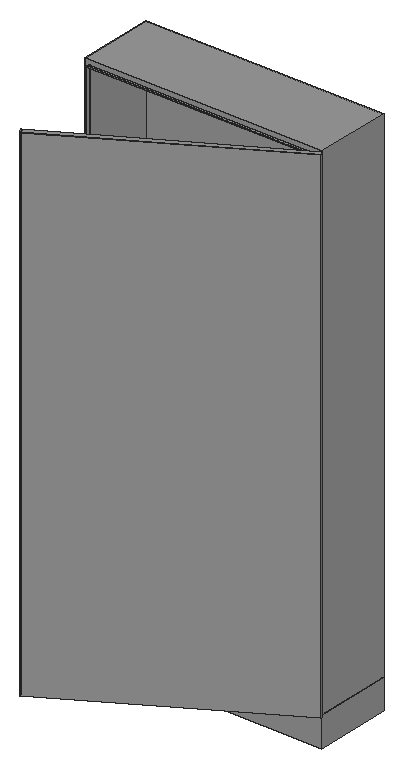
Revit family "Hager-Univers-IP55-D275-H1800-Cl.II-Steel_encl-NoHosted-PT-pt", category Electrical Equipment, Revit 2020
Family settings
  Panel Configuration = Two Columns, Circuits Across
  Round Connector Dimension = Use Diameter
  Part Type = Panelboard
  Work Plane-Based = Yes
  Always vertical = Yes
  Cut with Voids When Loaded = No
  Shared = No
  Room Calculation Point = No
Parameters (values of type "Instalação de piso IP55 L800 A1800 P275  - FR13S1")
  Width Control [instance] = if([EF000008 - Largura] > Min Width, [EF000008 - Largura], Min Width)  # 800 mm
  Type Comments = [HG000003 - Gama]  # "Univers"
  Thickness Door [instance] = if([EF009171 - Espessura do material da porta/tampa] > 3 mm, 3 mm, [EF009171 - Espessura do material da porta/tampa])  # 1.5 mm
  Seal Frame Offset [instance] = 17 mm  # constant formula
  Plinth Visibility [instance] = [HG000027 - Altura da Plinta] > 0 mm  # yes
  Min Width [instance] = 100 mm  # constant formula
  Min Depth [instance] = (2 * [EF009170 - Espessura do material do invólucro]) + 1 mm  # 4 mm
  Min Height [instance] = 100 mm  # constant formula
  Internal Frame Depth [instance] = (Door System Depth * 0.5)  # 9 mm
  Panel Name [instance] = ""  # (empty or 0)
  Model = ""
  HG000027 - Altura da Plinta = 100 mm
  HG000026 - Instalação no chão = yes
  HG000024 - Altura da secção inferior = 600 mm
  HG000023 - Recinto de secção dupla = no
  HG000016 - Visibilidade da porta 3D [instance] = yes
  HG000015 - Visibilidade através da porta [instance] = no
  HG000014 - Porta à direita [instance] = yes
  HG000013 - Porta à esquerda [instance] = not([HG000014 - Porta à direita])  # no
  HG000012 - Ângulo de abertura de porta [instance] = 30.00°
  HG000010 - Portas assimétricas = no
  HG000009 - Porta dupla = no
  HG000006 - Encastrado = no
  HG000004 - Referência do Fabricante = "FR13S1"
  HG000003 - Gama = "Univers"
  HG000002 - Com porta ou tampa = yes
  Frame Offset Bottom [instance] = 10 mm  # constant formula
  Frame Offset [instance] = 15 mm  # constant formula
  EF015940 - Tampa com libertação de sobrepressão = no
  EF011959 - Grau de proteção (NEMA) = ""
  EF009554 - Número de aberturas para placas de flange = 6
  EF009212 - Tipo de tampa = "EV000116 - Fechado"
  EF009171 - Espessura do material da porta/tampa = 1.5 mm
  EF009170 - Espessura do material do invólucro = 1.5 mm
  EF008873 - Corrente nominal (In) = 800 A
  EF007800 - Adequado para proteção contra raios = no
  EF006306 - Com fecho = no
  EF006244 - Tampa/porta transparente = no
  EF005474 - Grau de proteção (IP) = "EV006420 - IP55"
  EF004464 - Tipo de porta = "EV002646 - Único"
  EF004427 - Número de módulos = 396
  EF004293 - Força de impacto = "EV008784 - IK10"
  EF003532 - Adequado para uso no exterior = no
  EF002950 - Largura em número de módulos = 24
  EF001613 - Integridade do circuito = "EV000494 - Nenhum"
  EF001596 - Material do corpo = "EV000179 - Aço"
  EF001131 - Profundidade interior = 275 mm
  EF001088 - Extensão possível = yes
  EF000437 - Número de entradas de condutores = 6
  EF000339 - Tipo de difusor = "EV004216 - Porta"
  EF000266 - Número de linhas = 11
  EF000218 - Profundidade incorporada = 0 mm
  EF000118 - Com tampa de montagem = no
  EF000116 - Número RAL = "7035"
  EF000049 - Profundidade = 275 mm
  EF000040 - Altura = 1800 mm
  EF000008 - Largura = 800 mm
  EF000007 - Cor = "EV000270 - Cinzento"
  EF000003 - Método de montagem = "EV012274 - Instalação de piso"
  Door System Leaf Tolerance [instance] = 1.5 mm  # constant formula
  Door System Depth [instance] = 18 mm  # constant formula
  Door Height [instance] = Height Control - [HG000027 - Altura da Plinta]  # 1700 mm
  Description = ""
  Default Elevation = 1219.2 mm
  Connector Offset [instance] = Height Control / 2  # 900 mm
  Manufacturer = "Hager"  # constant formula
  Height Control [instance] = if([EF000040 - Altura] > Min Height, [EF000040 - Altura], Min Height)  # 1800 mm
  Depth Control [instance] = if([EF000049 - Profundidade] > Min Depth, [EF000049 - Profundidade], Min Depth)  # 275 mm
  Bottom Top Plate Trim [instance] = 1.5 mm  # constant formula
  Plinth height Ctrl [instance] = if([HG000027 - Altura da Plinta] > 0 mm, [HG000027 - Altura da Plinta], 12 mm)  # 100 mm
Types (5, lengths in mm): name | Width Control | HG000010 - Portas assimétricas | HG000009 - Porta dupla | HG000004 - Referência do Fabricante | EF009554 - Número de aberturas para placas de flange | EF004464 - Tipo de porta | EF004427 - Número de módulos | EF000437 - Número de entradas de condutores | EF000008 - Largura
  Instalação de piso IP55 L1050 A1800 P275  - FR14S1 | 1050 | yes | yes | "FR14S1" | 8 | "EV003602 - Duplo" | 528 | 8 | 1050
  Instalação de piso IP55 L1300 A1800 P275  - FR15S1 | 1300 | yes | yes | "FR15S1" | 10 | "EV003602 - Duplo" | 660 | 10 | 1300
  Instalação de piso IP55 L300 A1800 P275  - FR11S1 | 300 | no | no | "FR11S1" | 2 | "EV002646 - Único" | 132 | 2 | 300
  Instalação de piso IP55 L550 A1800 P275  - FR12S1 | 550 | no | no | "FR12S1" | 4 | "EV002646 - Único" | 264 | 4 | 550
  Instalação de piso IP55 L800 A1800 P275  - FR13S1 | 800 | no | no | "FR13S1" | 6 | "EV002646 - Único" | 396 | 6 | 800
Reference planes
  plane 1 "Center (Front/Back)": y = 0
  plane 2: z = 0
  plane 3 "Center (Left/Right)": x = 0
  plane 4: y = 0
  plane 5: y = 0
  plane 6: z = 0
  plane 7: x = -400
  plane 8: x = 400
  plane 9: x = 398.5
  plane 10: x = -398.5
  plane 11: z = 100
  plane 12: z = 101.5
  plane 13: y = -275
  plane 14: y = -1.5
  plane 15: x = 0
  plane 16: y = -257
  plane 17: y = -273.5
  plane 18: y = -255.5
  plane 19: x = -383.5
  plane 20: x = 383.5
  plane 21: z = 111.5
  plane 22: x = -383
  plane 23: x = 383
  plane 24: z = 100
  plane 25: z = 1800
  plane 26: z = 1800
  plane 27: z = 1783.5
  plane 28: z = 1798.5
Forms (mm)
  Extrusion 1, solid, material "Hager_Steel_RAL7035_Light_Grey", detail levels medium+fine
    sketch origin (-208.679, -4572, 100) x (-1, 0, 0) y (0, -1, 0)
      loop
        line (191.321, -4315) -> (-608.679, -4315) -> (-608.679, -4572) -> (191.321, -4572) -> (191.321, -4315)
    from 0 to 1700
  Extrusion 2, void
    sketch origin (-350.771, -275, 1219.2) x (1, 0, 0) y (0, 0, 1)
      loop
        line (-47.729, 579.3) -> (-47.729, -1117.7) -> (749.271, -1117.7) -> (749.271, 579.3) -> (-47.729, 579.3)
    from -19.5 to -273.5
  Extrusion 3, void
    sketch origin (-290.084, -257, 1219.2) x (1, 0, 0) y (0, 0, 1)
      loop
        line (-93.416, -1107.7) -> (673.584, -1107.7) -> (673.584, 564.3) -> (-93.416, 564.3) -> (-93.416, -1107.7)
    from 0 to -1.5
  Extrusion 4, solid, material "Hager_Steel_RAL7035_Light_Grey", visible <- "Plinth Visibility", detail levels medium+fine
    sketch origin (0, 0, 0) x (1, 0, 0) y (0, 1, 0)
      loop
        line (-400, 0) -> (-400, -257) -> (400, -257) -> (400, 0) -> (-400, 0)
    from 0 to 100 <- "Plinth height Ctrl"
  Extrusion 5, solid, material "Hager_Steel_RAL7035_Light_Grey", detail levels coarse
    sketch origin (0, 0, 0) x (1, 0, 0) y (0, 1, 0)
      loop
        line (-400, 0) -> (-400, -275) -> (400, -275) -> (400, 0) -> (-400, 0)
    from 0 to 1800 <- "Height Control"
  Sweep 6, void
    path in 3D
      loop
        line (-400, -257, 100) -> (400, -257, 100) -> (400, 0, 100) -> (-400, 0, 100) -> (-400, -257, 100)
    profile origin (-400, -128.5, 100) x (1, 0, 0) y (0, 0, 1)
      loop
        line (0, 0) -> (0, -1.5) -> (1.5, -1.5)
        arc (1.5, -1.5) -> (1.061, -0.439) -> (0, 0) r 1.5
  Extrusion 7, solid, material "Hager_Steel_RAL7035_Light_Grey", detail levels fine
    sketch origin (-400, -257, 100) x (1, 0, 0) y (0, 0, 1)
      loop
        line (16.5, 11.5) -> (783.5, 11.5) -> (783.5, 1683.5) -> (16.5, 1683.5) -> (16.5, 11.5)
      loop
        line (15, 10) -> (785, 10) -> (785, 1685) -> (15, 1685) -> (15, 10)
    from 0 to 9 <- "Internal Frame Depth"
Cuts and joins
  Extrusion 2, Extrusion 3 cuts Extrusion 1
  Sweep 6 cuts Extrusion 4
Lines and regions (mm)
  Masking region 1
    outline origin (0, 0, 0) x (1, 0, 0) y (0, 1, 0)
      loop
        line (-400, 0) -> (-400, -275) -> (400, -275) -> (400, 0) -> (-400, 0)
  Masking region 2, detail levels coarse
    outline origin (-290.084, -257, 1219.2) x (-1, 0, 0) y (0, 0, 1)
      loop
        line (-690.084, -1219.2) -> (109.916, -1219.2) -> (109.916, 580.8) -> (-690.084, 580.8) -> (-690.084, -1219.2)
  Masking region 3, detail levels coarse
    outline origin (0, 0, 0) x (0, 1, 0) y (0, 0, 1)
      loop
        line (0, 0) -> (0, 1800) -> (-275, 1800) -> (-275, 0) -> (0, 0)
  Masking region 4, visible <- "Plinth Visibility", detail levels medium+fine
    outline origin (0, 0, 0) x (0, 1, 0) y (0, 0, 1)
      loop
        line (-1.5, 100) -> (-255.5, 100)
        arc (-255.5, 100) -> (-255.939, 98.939) -> (-257, 98.5) r 1.5
        line (-257, 98.5) -> (-257, 0) -> (0, 0) -> (0, 98.5)
        arc (0, 98.5) -> (-1.061, 98.939) -> (-1.5, 100) r 1.5
  Masking region 5, detail levels medium+fine
    outline origin (0, 0, 594.038) x (0, 1, 0) y (0, 0, 1)
      loop
        line (0, -494.038) -> (0, 1205.962) -> (-257, 1205.962) -> (-257, -494.038) -> (0, -494.038)
  Masking region 6, detail levels medium+fine
    outline origin (-359.7, -257, 1211.883) x (-1, 0, 0) y (0, 0, 1)
      loop
        line (-759.7, -1111.883) -> (40.3, -1111.883) -> (40.3, 588.117) -> (-759.7, 588.117) -> (-759.7, -1111.883)
  Masking region 7, visible <- "Plinth Visibility", detail levels medium+fine
    outline origin (-320.334, -257, 1041.368) x (-1, 0, 0) y (0, 0, 1)
      loop
        line (-720.334, -1041.368) -> (79.666, -1041.368) -> (79.666, -942.868)
        arc (79.666, -942.868) -> (78.606, -942.429) -> (78.166, -941.368) r 1.5
        line (78.166, -941.368) -> (-718.834, -941.368)
        arc (-718.834, -941.368) -> (-719.273, -942.429) -> (-720.334, -942.868) r 1.5
        line (-720.334, -942.868) -> (-720.334, -1041.368)
  sketch lines
    curve 1: line (-400, 0, 100) -> (-400, -257, 100)
    curve 2: line (-400, -257, 100) -> (400, -257, 100)
    curve 3: line (400, 0, 100) -> (-400, 0, 100)
    curve 4: line (400, -257, 100) -> (400, 0, 100)
Dimensions and locks
  locked: plane 1 "Center (Front/Back)" to plane 5
  "EF009170 - Espessura do material do invólucro": plane 7 to plane 10
  "EF009170 - Espessura do material do invólucro": plane 8 to plane 9
  equal spacing: plane 7, plane 3 "Center (Left/Right)", plane 8
  "Width Control": plane 7 to plane 8
  "Depth Control": plane 4 to plane 13
  "EF009170 - Espessura do material do invólucro": plane 4 to plane 14
  "Height Control": plane 25 to level
  "HG000027 - Altura da Plinta": plane 11 to level
  "EF009170 - Espessura do material do invólucro": plane 12 to plane 11
  "EF009170 - Espessura do material do invólucro": plane 17 to plane 13
  "EF009170 - Espessura do material do invólucro": plane 18 to plane 16
  "Frame Offset Bottom": plane 21 to plane 12
  "Frame Offset": plane 10 to plane 19
  "Frame Offset": plane 9 to plane 20
  "Door System Depth": plane 16 to plane 13
  "Seal Frame Offset": plane 7 to plane 22
  "Seal Frame Offset": plane 8 to plane 23
  "EF009170 - Espessura do material do invólucro": plane 26 to plane 28
  "Frame Offset": plane 28 to plane 27
  "Connector Offset": plane 2 to connector elem
  "Bottom Top Plate Trim": profile plane to Sweep 6 sketch curve
  "Bottom Top Plate Trim": Sweep 6 sketch curve to Sweep 6 sketch curve
  "Plinth height Ctrl": Masking region 4 sketch curve to level
  "Plinth height Ctrl": Masking region 7 sketch curve to level
  "Thickness Door": Extrusion 7 sketch curve to Extrusion 7 sketch curve  (x4)
  "Bottom Top Plate Trim": radius of Sweep 6 sketch curve
  "Bottom Top Plate Trim": radius of Masking region 4 sketch curve  (x2)
  "Bottom Top Plate Trim": radius of Masking region 7 sketch curve  (x2)
  aligned and locked: Extrusion 2 sketch curve to plane 12
  aligned and locked: Extrusion 2 sketch curve to plane 9
  aligned and locked: Extrusion 2 sketch curve to plane 10
  aligned and locked: Extrusion 2 to plane 14
  aligned and locked: Extrusion 1 sketch curve to plane 4
  aligned and locked: plane 8 to Extrusion 1 sketch curve
  aligned and locked: plane 7 to Extrusion 1 sketch curve
  aligned and locked: Extrusion 2 to plane 18
  aligned and locked: Extrusion 3 sketch curve to plane 19
  aligned and locked: plane 20 to Extrusion 3 sketch curve
  aligned and locked: Extrusion 3 to Extrusion 2
  aligned and locked: Extrusion 3 sketch curve to plane 21
  aligned and locked: plane 3 "Center (Left/Right)" to nested 1
  aligned and locked: Extrusion 1 sketch curve to plane 16
  aligned and locked: Extrusion 4 sketch curve to cut or joined group of Extrusion 1, Extrusion 2, Extrusion 3
  aligned and locked: Masking region 1 sketch curve to plane 7
  aligned and locked: Masking region 1 sketch curve to plane 5
  aligned and locked: Masking region 1 sketch curve to plane 8
  aligned and locked: Masking region 2 sketch curve to level
  aligned and locked: level to Masking region 3 sketch curve
  aligned and locked: plane 1 "Center (Front/Back)" to Masking region 3 sketch curve
  aligned and locked: plane 13 to Masking region 3 sketch curve
  aligned and locked: plane 5 to Masking region 4 sketch curve
  aligned and locked: Masking region 2 sketch curve to plane 8
  aligned and locked: Masking region 2 sketch curve to plane 7
  aligned and locked: plane 7 to nested 2
  aligned and locked: nested 2 to plane 5
  aligned and locked: plane 5 to Masking region 5 sketch curve
  aligned and locked: plane 26 to Masking region 5 sketch curve
  aligned and locked: Extrusion 5 sketch curve to plane 8
  aligned and locked: Extrusion 5 sketch curve to plane 7
  aligned and locked: Extrusion 5 sketch curve to plane 5
  aligned and locked: Extrusion 3 sketch curve to plane 27
  aligned and locked: Extrusion 2 sketch curve to plane 28
  aligned and locked: Masking region 2 to plane 25
  aligned and locked: Extrusion 4 to plane 16
  aligned and locked: profile plane to Sweep 6 sketch curve
  aligned and locked: Masking region 5 sketch curve to plane 24
  aligned and locked: level to Masking region 4 sketch curve
  aligned and locked: Masking region 1 to plane 13
  aligned and locked: nested 1 to plane 16
  aligned and locked: Masking region 3 to plane 25
  aligned and locked: plane 16 to Masking region 4 sketch curve
  aligned and locked: Masking region 5 sketch curve to plane 16
  aligned and locked: plane 24 to plane 11
  aligned and locked: plane 26 to plane 25
  aligned and locked: plane 26 to cut or joined group of Extrusion 1, Extrusion 2, Extrusion 3
  aligned and locked: nested 1 to plane 24
  aligned and locked: Extrusion 1 to Extrusion 3
  aligned and locked: Masking region 6 sketch curve to plane 8
  aligned and locked: Masking region 6 sketch curve to plane 24
  aligned and locked: Masking region 6 sketch curve to plane 7
  aligned and locked: Masking region 6 sketch curve to plane 26
  aligned and locked: Masking region 7 sketch curve to plane 7
  aligned and locked: level to Masking region 7 sketch curve
  aligned and locked: Masking region 7 sketch curve to plane 8
  aligned and locked: Extrusion 7 sketch curve to cut or joined group of Extrusion 1, Extrusion 2, Extrusion 3  (x4)
Automatic sketch dimensions
  plane 19 to Extrusion 3 sketch curve = 0 mm
  Extrusion 3 sketch curve to plane 20 = 0 mm
  Extrusion 3 sketch curve to plane 21 = 0 mm
  Extrusion 4 sketch curve to plane 7 = 0 mm
  Extrusion 4 sketch curve to plane 8 = 0 mm
  Extrusion 4 sketch curve to plane 16 = 0 mm
  Masking region 1 sketch curve to plane 13 = 0 mm
  Masking region 2 sketch curve to plane 25 = 0 mm
  Masking region 3 sketch curve to plane 25 = 0 mm
  Extrusion 5 sketch curve to plane 13 = 0 mm
  profile plane to Sweep 6 sketch curve = 0 mm
Nested families
  nested 1: "EC000058_Univers_Door" at (0, -257, 100), Double <- "HG000009 - Porta dupla", Transparent <- "EF006244 - Tampa/porta transparente", Angle <- "HG000012 - Ângulo de abertura de porta", Door_Right <- "HG000014 - Porta à direita", Assymetrical <- "HG000010 - Portas assimétricas", Door <- "HG000002 - Com porta ou tampa", Width_Ctrl <- "Width Control", 3d_Door <- "HG000016 - Visibilidade da porta 3D", Clearance <- "HG000015 - Visibilidade através da porta", Door_Left <- "HG000013 - Porta à esquerda", Width <- "Width Control", Door_Depth <- "Door System Depth", Leaf_Tolerance <- "Door System Leaf Tolerance", Height <- "Door Height", Lock_Visibility <- "EF006306 - Com fecho", Thickness <- "Thickness Door", type "EC000058_Univers_Door", detail levels medium+fine
    with min_wh 4 mm, Width_Ctrl 800 mm, Width 800 mm, Transparent no, Thickness 1.5 mm, Seal_Material Hager_Rubber, Lock_Visibility no, Lock_Material Hager_Plastic_RAL9005_Jet_Black, Leaf_Width 800 mm, Leaf_Tolerance_External_Sides 0 mm, Leaf_Tolerance 1.5 mm, Leaf_Offset 0 mm, Leaf_Height 1697 mm, Leaf_2_Width 800 mm, Leaf_2_Offset 400 mm, Leaf_1_Width 800 mm, Leaf_1_Offset 400 mm, Height_Ctrl 1700 mm, Height 1700 mm, Glass_Material Hager_Glass, Double_Clearance_Ctrl no, Double no, Door_Right_Ctrl yes, Door_Right yes, Door_Material Hager_Steel_RAL7035_Light_Grey, Door_Left_Ctrl no, Door_Left no, Door_Depth 18 mm, Door yes, Clearance_Material Hager_Clearance, Clearance_Depth 800 mm, Clearance_Ctrl no, Clearance no, Assymetrical no, Angle 30.00°, 3d_Door yes
  nested 2: "Hager_Enclosure_Symbol" at (-400, 0, 0), Height <- "Depth Control", Width <- "Width Control", type "Hager_Enclosure_Symbol"
    with Width_Ctrl 800 mm, Width 800 mm, Height_Ctrl 275 mm, Height 275 mm, A_Width_Int 18.047 mm, A_Width 216.562 mm, A_Height_Ctrl 240.625 mm, A_Height 240.625 mm
Connectors
  electrical at (0, 0, 900)
    settings: on plane 1 "Center (Front/Back)", index 1, voltage 0 V, apparent load 0 VA, apparent load phase1 0 VA, apparent load phase2 0 VA, apparent load phase3 0 VA, power factor 1, load classification "Other", number of poles 1, system type 30, power factor state 1, is connector primary yes, connector utility no, sub classification motor no, connector description ""
Definition of nested family "EC000058_Univers_Door"
  Parameters (values of type "EC000058_Univers_Door")
    min_wh [instance] = (2 * Thickness) + 1 mm  # 11 mm
    Width_Ctrl [instance] = 400 mm
    Width [instance] = 500 mm
    Transparent [instance] = yes
    Thickness [instance] = 5 mm
    Seal_Material [instance] = none
    Lock_Visibility [instance] = yes
    Lock_Material [instance] = none
    Leaf_Width [instance] = if((Width_Ctrl - 2 * Leaf_Tolerance_External_Sides) > 0 mm, (Width_Ctrl - 2 * Leaf_Tolerance_External_Sides), min_wh)  # 400 mm
    Leaf_Tolerance_External_Sides [instance] = 0 mm  # constant formula
    Leaf_Tolerance [instance] = 1.5 mm
    Leaf_Offset [instance] = 0 mm  # constant formula
    Leaf_Height [instance] = if((Height_Ctrl - 2 * Leaf_Tolerance) > 0 mm, (Height_Ctrl - 2 * Leaf_Tolerance), min_wh)  # 497 mm
    Leaf_2_Width [instance] = if(and(and(Double, Assymetrical), Door_Left), (Leaf_Width / 3) - (Leaf_Tolerance / 2), if(and(and(Double, Assymetrical), Door_Right), (Leaf_Width / 3) * 2 - (Leaf_Tolerance / 2), if(and(Double, not(Assymetrical)), (Leaf_Width / 2) - Leaf_Tolerance, Leaf_Width)))  # 400 mm
    Leaf_2_Offset [instance] = if(and(Double, Assymetrical), Leaf_2_Width / 2, if(and(Double, not(Assymetrical)), Leaf_Width / 4, Leaf_Width / 2))  # 200 mm
    Leaf_1_Width [instance] = if(and(and(Double, Assymetrical), Door_Right), (Leaf_Width / 3) - (Leaf_Tolerance / 2), if(and(and(Double, Assymetrical), Door_Left), (Width / 3) * 2 - (Leaf_Tolerance / 2), if(and(Double, not(Assymetrical)), (Leaf_Width / 2) - Leaf_Tolerance, Leaf_Width)))  # 400 mm
    Leaf_1_Offset [instance] = if(and(Double, Assymetrical), Leaf_1_Width / 2, if(and(Double, not(Assymetrical)), Leaf_Width / 4, Leaf_Width / 2))  # 200 mm
    Height_Ctrl [instance] = if(Height > min_wh, Height, min_wh)  # 500 mm
    Height [instance] = 500 mm
    Glass_Material [instance] = none
    Double_Clearance_Ctrl [instance] = and(Double, Clearance)  # no
    Double [instance] = no
    Door_Right_Ctrl [instance] = and(or(Door_Right, Double), Door)  # yes
    Door_Right [instance] = yes
    Door_Material [instance] = none
    Door_Left_Ctrl [instance] = and(or(Door_Left, Double), Door)  # no
    Door_Left [instance] = no
    Door_Depth [instance] = 30 mm
    Door [instance] = yes
    Default Elevation = 1219.2 mm
    Clearance_Material [instance] = none
    Clearance_Depth [instance] = if(Leaf_1_Width > Leaf_2_Width, Leaf_1_Width, Leaf_2_Width)  # 400 mm
    Clearance_Ctrl [instance] = and(not(Double), Clearance)  # yes
    Clearance [instance] = yes
    Assymetrical [instance] = yes
    Angle [instance] = 30.00°
    3d_Door [instance] = yes
  Reference planes
    plane 1 "Center (Front/Back)": y = 0
    plane 2 "Bottom": z = 0
    plane 3 "Center (Left/Right)": x = 0
    plane 4: z = 500
    plane 5: x = -200
    plane 6: x = 200
    plane 7: z = 500
    plane 8: x = -200
    plane 9: z = 0
    plane 10: x = 200
    plane 11: y = 0
    plane 12: z = 1.5
    plane 13: x = -600
    plane 14: y = -400
    plane 15: x = 600
    plane 16: x = 0
    plane 17: x = 0
    plane 18: x = -200
    plane 19: x = 200
    plane 20: z = 498.5
  Forms (mm)
    Extrusion 1, solid, material <- "Clearance_Material", visible <- "Double_Clearance_Ctrl"
      sketch origin (1200, 0, 0) x (1, 0, 0) y (0, 0, -1)
        loop
          line (-1800, -498.5) -> (-600, -498.5) -> (-600, 0) -> (-1800, 0) -> (-1800, -498.5)
      from 0 to -400
  Dimensions and locks
    equal spacing: plane 5, plane 3 "Center (Left/Right)", plane 6
    "Width_Ctrl": plane 5 to plane 6
    "Leaf_Offset": plane 5 to plane 8
    "Leaf_Offset": plane 6 to plane 10
    "Leaf_Offset": plane 9 to level
    "Leaf_Offset": plane 4 to plane 7
    "Height_Ctrl": plane 4 to level
    "Leaf_Tolerance": plane 12 to plane 9
    locked: plane 11 to plane 1 "Center (Front/Back)"
    "Leaf_1_Offset": plane 18 to plane 16
    "Leaf_2_Offset": plane 17 to plane 19
    "Leaf_1_Width": plane 13 to plane 8
    "Leaf_2_Width": plane 10 to plane 15
    "Clearance_Depth": plane 14 to plane 1 "Center (Front/Back)"
    "Leaf_Tolerance_External_Sides": plane 8 to plane 18
    "Leaf_Tolerance_External_Sides": plane 19 to plane 10
    "Leaf_Tolerance": plane 7 to plane 20
    aligned and locked: level to plane 2 "Bottom"
    aligned and locked: nested 1 to plane 16
    aligned and locked: nested 2 to plane 17
    aligned and locked: Extrusion 1 to plane 13
    aligned and locked: plane 15 to Extrusion 1
    aligned and locked: Extrusion 1 to plane 14
    aligned and locked: plane 12 to nested 1
    aligned and locked: nested 2 to plane 12
    aligned and locked: Extrusion 1 to plane 11
    aligned and locked: plane 20 to Extrusion 1
    aligned and locked: nested 2 to plane 11
    aligned and locked: nested 1 to plane 11
  Automatic sketch dimensions
    Extrusion 1 sketch curve to level = 0 mm
    plane 5 to Extrusion 1 sketch curve = 400 mm
    plane 6 to Extrusion 1 sketch curve = 400 mm
    Extrusion 1 sketch curve to plane 4 = 1.5 mm
  Nested families
    nested 1: "EC000058_Univers_Door_Leaf" at (0, 0, 1.5), Width <- "Leaf_1_Width", visible <- "Door_Left_Ctrl", Leaf_Height <- "Leaf_Height", Angle <- "Angle", 3d_Door <- "3d_Door", Transparent <- "Transparent", Clearance Material <- "Clearance_Material", Clearance <- "Clearance_Ctrl", Door_Material <- "Door_Material", Glass_Material <- "Glass_Material", Door_Depth <- "Door_Depth", Lock_Material <- "Lock_Material", Seal_Material <- "Seal_Material", Lock_Visibility <- "Lock_Visibility", Thickness <- "Thickness", type "EC000058_Univers_Door_Leaf"
      with Width 400 mm, Transparent_Glass_Offset 30 mm, Transparent_Ctrl yes, Transparent yes, Thickness 5 mm, Standard no, Seal_Material none, Seal_D2 8 mm, Seal_D1 1 mm, Offset_Internal_Frame 10 mm, Lock_Width 20 mm, Lock_Visibility_3d yes, Lock_Visibility yes, Lock_Thickness_3 3 mm, Lock_Thickness_2 1 mm, Lock_Thickness_1 3 mm, Lock_Radius_Offset_2 16 mm, Lock_Radius_Offset_1 15 mm, Lock_Radius_2 5 mm, Lock_Radius 6 mm, Lock_Offset 5 mm, Lock_Material none, Lock_Height 80 mm, Lock_Cover_Top_Offset_2d 17 mm, Lock_Cover_Height -65 mm, Leaf_Height 497 mm, Internal_Seal_Thickness 8 mm, Internal_Seal_Depth_2 4.5 mm, Internal_Frame_Depth 25 mm, Glass_Thickness -1 mm, Glass_Offset -2 mm, Glass_Material none, Door_Material none, Door_Depth 30 mm, Clearance Material none, Clearance yes, Angle_Ctrl 30.00°, Angle 30.00°, 3d_Door yes
    nested 2: "EC000058_Univers_Door_Leaf" at (0, 0, 1.5) x (-1, 0, 0) z (0, 0, 1), Width <- "Leaf_2_Width", visible <- "Door_Right_Ctrl", Leaf_Height <- "Leaf_Height", Angle <- "Angle", 3d_Door <- "3d_Door", Transparent <- "Transparent", Clearance Material <- "Clearance_Material", Clearance <- "Clearance_Ctrl", Door_Material <- "Door_Material", Glass_Material <- "Glass_Material", Door_Depth <- "Door_Depth", Lock_Material <- "Lock_Material", Seal_Material <- "Seal_Material", Lock_Visibility <- "Lock_Visibility", Thickness <- "Thickness", type "EC000058_Univers_Door_Leaf"
      with Width 400 mm, Transparent_Glass_Offset 30 mm, Transparent_Ctrl yes, Transparent yes, Thickness 5 mm, Standard no, Seal_Material none, Seal_D2 8 mm, Seal_D1 1 mm, Offset_Internal_Frame 10 mm, Lock_Width 20 mm, Lock_Visibility_3d yes, Lock_Visibility yes, Lock_Thickness_3 3 mm, Lock_Thickness_2 1 mm, Lock_Thickness_1 3 mm, Lock_Radius_Offset_2 16 mm, Lock_Radius_Offset_1 15 mm, Lock_Radius_2 5 mm, Lock_Radius 6 mm, Lock_Offset 5 mm, Lock_Material none, Lock_Height 80 mm, Lock_Cover_Top_Offset_2d 17 mm, Lock_Cover_Height -65 mm, Leaf_Height 497 mm, Internal_Seal_Thickness 8 mm, Internal_Seal_Depth_2 4.5 mm, Internal_Frame_Depth 25 mm, Glass_Thickness -1 mm, Glass_Offset -2 mm, Glass_Material none, Door_Material none, Door_Depth 30 mm, Clearance Material none, Clearance yes, Angle_Ctrl 30.00°, Angle 30.00°, 3d_Door yes
  Definition of nested family "EC000058_Univers_Door_Leaf"
    Parameters (values of type "EC000058_Univers_Door_Leaf")
      Width [instance] = 2000 mm
      Transparent_Glass_Offset [instance] = 30 mm
      Transparent_Ctrl [instance] = and(Transparent, [3d_Door])  # yes
      Transparent [instance] = yes
      Thickness [instance] = 5 mm
      Standard [instance] = and(not(Transparent), [3d_Door])  # no
      Seal_Material [instance] = none
      Seal_D2 [instance] = 8 mm  # constant formula
      Seal_D1 [instance] = 1 mm  # constant formula
      Offset_Internal_Frame [instance] = 10 mm  # constant formula
      Lock_Width [instance] = 20 mm  # constant formula
      Lock_Visibility_3d [instance] = and(Lock_Visibility, [3d_Door])  # yes
      Lock_Visibility [instance] = yes
      Lock_Thickness_3 [instance] = 3 mm  # constant formula
      Lock_Thickness_2 [instance] = 1 mm  # constant formula
      Lock_Thickness_1 [instance] = 3 mm  # constant formula
      Lock_Radius_Offset_2 [instance] = Lock_Radius_Offset_1 + 1 mm  # 16 mm
      Lock_Radius_Offset_1 [instance] = 15 mm  # constant formula
      Lock_Radius_2 [instance] = Lock_Radius - 1 mm  # 5 mm
      Lock_Radius [instance] = 6 mm  # constant formula
      Lock_Offset [instance] = 5 mm  # constant formula
      Lock_Material [instance] = none
      Lock_Height [instance] = 80 mm  # constant formula
      Lock_Cover_Top_Offset_2d [instance] = Lock_Radius_Offset_2 + 1 mm  # 17 mm
      Lock_Cover_Height [instance] = -(Lock_Height - Lock_Radius_Offset_1)  # -65 mm
      Leaf_Height [instance] = 2720.336 mm
      Internal_Seal_Thickness [instance] = 8 mm  # constant formula
      Internal_Seal_Depth_2 [instance] = 4.5 mm  # constant formula
      Internal_Frame_Depth [instance] = if(Door_Depth - Thickness > 5 mm, Door_Depth - Thickness, 5 mm)  # 25 mm
      Glass_Thickness [instance] = if(Thickness > 15 mm, Glass_Offset + 10 mm, -1 mm)  # -1 mm
      Glass_Offset [instance] = if(Thickness > 15 mm, -(Thickness + 10 mm) / 2, -2 mm)  # -2 mm
      Glass_Material [instance] = none
      Door_Material [instance] = none
      Door_Depth [instance] = 30 mm
      Default Elevation = 0 mm
      Clearance Material [instance] = none
      Clearance [instance] = yes
      Angle_Ctrl [instance] = if(Angle > 180.00°, 180.00°, Angle)  # 90.00°
      Angle [instance] = 90.00°
      3d_Door [instance] = yes
    Reference planes
      plane 1 "Center (Front/Back)": y = 0
      plane 2: z = 0
      plane 3 "Center (Left/Right)": x = 0
      plane 4: y = 2000
      plane 5: x = -1000
      plane 6: x = 1000
      plane 7: x = -3000
      plane 8: z = 2720.336
      plane 9: z = 30
      plane 10: z = 2690.336
      plane 11: x = 970
      plane 12: x = -970
      plane 13: y = -3
      plane 14: z = 107.833
      plane 15: y = -5
      plane 16: y = -223.314
      plane 17: x = -1000
      plane 18: z = 1360.168
      plane 19: y = 30
    Forms (mm)
      Extrusion 1, solid, material <- "Clearance Material", visible <- "Clearance"
        sketch origin (0, 0, 0) x (1, 0, 0) y (0, 0, 1)
          loop
            line (-3000, 2720.336) -> (-3000, 0) -> (1000, 0) -> (1000, 2720.336) -> (-3000, 2720.336)
        from 0 to -2000
      Extrusion 2, solid, material <- "Door_Material", visible <- "Standard", detail levels medium+fine
        sketch origin (-1000, 0, 0) x (0, 1, 0) y (-1, 0, 0)
          loop
            line (0, 30) -> (0, 25) -> (2000, 25) -> (2000, 30) -> (0, 30)
        from 0 to 2720.336 <- "Leaf_Height"
      Extrusion 3, solid, material <- "Door_Material", visible <- "Transparent_Ctrl", detail levels medium+fine
        sketch origin (-1000, 0, 0) x (0, 1, 0) y (-1, 0, 0)
          loop
            line (0, 25) -> (2000, 25) -> (2000, 30) -> (0, 30) -> (0, 25)
        from 0 to 2720.336 <- "Leaf_Height"
      Extrusion 4, void
        sketch origin (-1025, 2000, 0) x (0, 1, 0) y (0, 0, -1)
          loop
            line (-30, -2690.336) -> (-30, -30) -> (-1970, -30) -> (-1970, -2690.336) -> (-30, -2690.336)
        from 0 to 5 <- "Thickness"
      Sweep 5, solid, material <- "Seal_Material", visible <- "Transparent_Ctrl", detail levels fine
        path in 3D
          loop
            line (-1025, 30, 30) -> (-1025, 30, 2690.336) -> (-1025, 1970, 2690.336) -> (-1025, 1970, 30) -> (-1025, 30, 30)
        profile origin (-1025, 1000, 30) x (1, 0, 0) y (0, 0, 1)
          loop
            line (0, 0) -> (0, -8) -> (1, -8) -> (1, 0) -> (0, 0)
      Extrusion 6, solid, material <- "Glass_Material", visible <- "Transparent_Ctrl", detail levels medium+fine
        sketch origin (-1030, 0, 0) x (0, 1, 0) y (0, 0, -1)
          loop
            line (1970, -2690.336) -> (1970, -30) -> (30, -30) -> (30, -2690.336) -> (1970, -2690.336)
        from -2 <- "Glass_Offset" to -1 <- "Glass_Thickness"
      Extrusion 7, solid, material <- "Door_Material", visible <- "3d_Door", detail levels medium+fine
        sketch origin (-1025, 2000, 0) x (0, -1, 0) y (0, 0, -1)
          loop
            line (0, -2720.336) -> (2000, -2720.336) -> (2000, 0) -> (0, 0) -> (0, -2720.336)
          loop
            line (1995, -5) -> (5, -5) -> (5, -2715.336) -> (1995, -2715.336) -> (1995, -5)
        from 0 to 25 <- "Internal_Frame_Depth"
      Sweep 8, solid, material <- "Seal_Material", visible <- "Transparent_Ctrl", detail levels fine
        path in 3D
          loop
            line (-1025, 0, 0) -> (-1025, 2000, 0) -> (-1025, 2000, 2720.336) -> (-1025, 0, 2720.336) -> (-1025, 0, 0)
        profile origin (-1025, 0, 1360.168) x (1, 0, 0) y (0, 1, 0)
          loop
            line (0, 10) -> (2.975, 10)
            arc (2.975, 10) -> (4.053, 10.447) -> (4.5, 11.525) r 1.525
            line (4.5, 11.525) -> (4.5, 16.527)
            arc (4.5, 16.527) -> (4.069, 17.569) -> (3.027, 18) r 1.473
            line (3.027, 18) -> (0, 18) -> (0, 10)
      Extrusion 9, solid, material <- "Lock_Material", visible <- "Lock_Visibility_3d", detail levels fine
        sketch origin (-1030, 0, 0) x (0, 1, 0) y (0, 0, -1)
          loop
            arc (1993.5, -1400.168) -> (1994.561, -1399.729) -> (1995, -1398.668) r 1.5
            line (1995, -1398.668) -> (1995, -1320.168) -> (1975, -1320.168) -> (1975, -1398.668)
            arc (1975, -1398.668) -> (1975.439, -1399.729) -> (1976.5, -1400.168) r 1.5
            line (1976.5, -1400.168) -> (1993.5, -1400.168)
        from 3 <- "Lock_Thickness_1" to 0
      Blend 10, solid, material <- "Lock_Material", visible <- "Lock_Visibility_3d", detail levels fine
        base sketch origin (-1033, 0, 0) x (0, 1, 0) y (0, 0, -1)
          loop
            line (1975, -1320.168) -> (1975, -1398.668)
            arc (1975, -1398.668) -> (1975.439, -1399.729) -> (1976.5, -1400.168) r 1.5
            line (1976.5, -1400.168) -> (1993.5, -1400.168)
            arc (1993.5, -1400.168) -> (1994.561, -1399.729) -> (1995, -1398.668) r 1.5
            line (1995, -1398.668) -> (1995, -1320.168) -> (1975, -1320.168)
        top sketch origin (-1033, 0, 0) x (0, 1, 0) y (0, 0, -1)
          loop
            line (1976, -1320.168) -> (1976, -1398.668)
            arc (1976, -1398.668) -> (1976.146, -1399.022) -> (1976.5, -1399.168) r 0.5
            line (1976.5, -1399.168) -> (1993.5, -1399.168)
            arc (1993.5, -1399.168) -> (1993.854, -1399.022) -> (1994, -1398.668) r 0.5
            line (1994, -1398.668) -> (1994, -1320.168) -> (1976, -1320.168)
        from 0 to 1 <- "Lock_Thickness_2"
      Blend 11, solid, material <- "Lock_Material", visible <- "Lock_Visibility_3d", detail levels fine
        base sketch origin (-1034, 0, 0) x (0, 1, 0) y (0, 0, -1)
          loop
            line (1978, -1320.168) -> (1978, -1384.168)
            arc (1978, -1384.168) -> (1985, -1391.168) -> (1992, -1384.168) r 7
            line (1992, -1384.168) -> (1992, -1320.168) -> (1978, -1320.168)
        top sketch origin (-1034, 0, 0) x (0, 1, 0) y (0, 0, -1)
          loop
            line (1991, -1320.168) -> (1979, -1320.168) -> (1979, -1383.168)
            arc (1979, -1383.168) -> (1985, -1389.168) -> (1991, -1383.168) r 6
            line (1991, -1383.168) -> (1991, -1320.168)
        from 0 to 3 <- "Lock_Thickness_3"
      Extrusion 12, solid, material <- "Lock_Material", visible <- "Lock_Visibility_3d", detail levels fine
        sketch origin (-1030, 1975, 1320.168) x (1, 0, 0) y (0, -1, 0)
          loop
            line (-7, -19) -> (-7, -1) -> (0, -1) -> (0, 0) -> (-8, 0) -> (-8, -20) -> (0, -20) -> (0, -19) -> (-7, -19)
        from 0 to -65 <- "Lock_Cover_Height"
      Extrusion 13, void
        sketch origin (-1038, 1995, 1320.168) x (-1, 0, 0) y (0, 0, -1)
          loop
            line (-5, -65) -> (0, -65) -> (-5, -60) -> (-5, -65)
        from 0 to 20 <- "Lock_Width"
      Extrusion 14, void
        sketch origin (-1038, 1975, 1320.168) x (0, -1, 0) y (0, 0, -1)
          loop
            circle (-10, -15.995) r 6
          loop
            circle (-10, -15.995) r 5
        from 0 to 2
      Extrusion 15, solid, material <- "Lock_Material", visible <- "Lock_Visibility_3d", detail levels medium
        sketch origin (-1030, 0, 0) x (0, 1, 0) y (0, 0, -1)
          loop
            arc (1993.5, -1400.168) -> (1994.561, -1399.729) -> (1995, -1398.668) r 1.5
            line (1995, -1398.668) -> (1995, -1320.168) -> (1975, -1320.168) -> (1975, -1398.668)
            arc (1975, -1398.668) -> (1975.439, -1399.729) -> (1976.5, -1400.168) r 1.5
            line (1976.5, -1400.168) -> (1993.5, -1400.168)
        from 8 to 0
    Cuts and joins
      Extrusion 4 cuts Extrusion 3
      Extrusion 13, Extrusion 14 cuts Extrusion 9
      Extrusion 14 cuts Blend 11
      Extrusion 13, Extrusion 14 cuts Extrusion 12
      joined: Extrusion 9, Blend 10, Blend 11, Extrusion 12
      Extrusion 14 cuts Extrusion 15
    Lines and regions (mm)
      Masking region 1, visible <- "Lock_Visibility", detail levels fine
        outline origin (0, 0, 0) x (0, 1, 0) y (0, 0, 1)
          loop
            line (30, 1320.168) -> (33, 1320.168) -> (33, 1400.168) -> (30, 1400.168) -> (30, 1320.168)
      Masking region 2, visible <- "Lock_Visibility", detail levels fine
        outline origin (0, 3.143, 0) x (0, 1, 0) y (0, 0, 1)
          loop
            line (29.857, 1354.168) -> (30.857, 1354.168) -> (30.857, 1366.168) -> (29.857, 1366.168) -> (29.857, 1354.168)
      Masking region 3, detail levels medium+fine
        outline origin (0, 0, 0) x (0, 1, 0) y (0, 0, 1)
          loop
            line (0, 0) -> (30, 0) -> (30, 2720.336) -> (0, 2720.336) -> (0, 0)
      Masking region 4, detail levels medium+fine
        outline origin (0, 0, 0) x (1, 0, 0) y (0, 0, 1)
          loop
            line (-1000, 2720.336) -> (-1000, 0) -> (1000, 0) -> (1000, 2720.336) -> (-1000, 2720.336)
      Masking region 5, visible <- "Lock_Visibility", detail levels fine
        outline origin (-47.116, 0, 0) x (1, 0, 0) y (0, 0, 1)
          loop
            arc (1024.616, 1399.168) -> (1023.556, 1398.729) -> (1023.116, 1397.668) r 1.5
            line (1023.116, 1397.668) -> (1023.116, 1320.168) -> (1041.116, 1320.168) -> (1041.116, 1397.668)
            arc (1041.116, 1397.668) -> (1040.677, 1398.729) -> (1039.616, 1399.168) r 1.5
            line (1039.616, 1399.168) -> (1024.616, 1399.168)
      Masking region 6, visible <- "Lock_Visibility", detail levels medium+fine
        outline origin (-25, 0, 0) x (1, 0, 0) y (0, 0, 1)
          loop
            arc (1001.5, 1400.168) -> (1000.439, 1399.729) -> (1000, 1398.668) r 1.5
            line (1000, 1398.668) -> (1000, 1320.168) -> (1020, 1320.168) -> (1020, 1398.668)
            arc (1020, 1398.668) -> (1019.561, 1399.729) -> (1018.5, 1400.168) r 1.5
            line (1018.5, 1400.168) -> (1001.5, 1400.168)
      Masking region 7, visible <- "Lock_Visibility", detail levels fine
        outline origin (-73.735, 0, 0) x (1, 0, 0) y (0, 0, 1)
          loop
            line (1051.735, 1382.168) -> (1065.735, 1382.168) -> (1065.735, 1384.168)
            arc (1065.735, 1384.168) -> (1058.735, 1391.168) -> (1051.735, 1384.168) r 7
            line (1051.735, 1384.168) -> (1051.735, 1382.168)
      Masking region 8, visible <- "Lock_Visibility", detail levels fine
        outline origin (-73.735, 0, 0) x (1, 0, 0) y (0, 0, 1)
          loop
            line (1052.735, 1382.168) -> (1064.735, 1382.168) -> (1064.735, 1383.168)
            arc (1064.735, 1383.168) -> (1058.735, 1389.168) -> (1052.735, 1383.168) r 6
            line (1052.735, 1383.168) -> (1052.735, 1382.168)
      Masking region 9, visible <- "Lock_Visibility", detail levels fine
        outline origin (-25, 0, 0) x (1, 0, 0) y (0, 0, 1)
          loop
            line (1020, 1320.168) -> (1020, 1382.168) -> (1000, 1382.168) -> (1000, 1320.168) -> (1020, 1320.168)
      Masking region 10, detail levels medium+fine
        outline origin (0, 0, 0) x (1, 0, 0) y (0, 0, 1)
          loop
            circle (985, 1335.144) r 6
      Masking region 11, detail levels fine
        outline origin (0, 0, 0) x (1, 0, 0) y (0, 0, 1)
          loop
            circle (985, 1335.144) r 5
      Masking region 12, visible <- "Lock_Visibility", detail levels fine
        outline origin (0, 12.767, 0) x (0, 1, 0) y (0, 0, 1)
          loop
            line (20.233, 1320.168) -> (21.233, 1320.168) -> (21.233, 1399.168) -> (20.233, 1400.168) -> (20.233, 1320.168)
      Masking region 13, visible <- "Lock_Visibility", detail levels fine
        outline origin (0, 13.767, -10) x (0, 1, 0) y (0, 0, 1)
          loop
            line (20.233, 1330.168) -> (23.233, 1330.168) -> (23.233, 1399.168) -> (20.233, 1402.168) -> (20.233, 1330.168)
      Masking region 14, visible <- "Lock_Visibility", detail levels fine
        outline origin (0, 12.767, -10) x (0, 1, 0) y (0, 0, 1)
          loop
            line (20.233, 1330.168) -> (25.233, 1330.168) -> (25.233, 1399.305) -> (20.233, 1394.305) -> (20.233, 1330.168)
      Masking region 15, visible <- "Lock_Visibility", detail levels medium
        outline origin (0, 0, 0) x (0, 1, 0) y (0, 0, 1)
          loop
            line (30, 1320.168) -> (38, 1320.168) -> (38, 1400.168) -> (30, 1400.168) -> (30, 1320.168)
      Masking region 16, visible <- "Lock_Visibility", detail levels fine
        outline origin (-1000, 0, 0) x (0, 1, 0) y (-1, 0, 0)
          loop
            line (1975, 30) -> (1995, 30) -> (1995, 38) -> (1975, 38) -> (1975, 30)
          loop
            line (1979, 37) -> (1976, 37) -> (1976, 34) -> (1978, 34) -> (1979, 37)
          loop
            line (1994, 37) -> (1991, 37) -> (1992, 34) -> (1994, 34) -> (1994, 37)
      Masking region 17, visible <- "Lock_Visibility", detail levels medium
        outline origin (-1000, 0, 0) x (0, 1, 0) y (-1, 0, 0)
          loop
            line (1975, 30) -> (1995, 30) -> (1995, 38) -> (1975, 38) -> (1975, 30)
      symbolic lines
        curve 1: line (1000, 0, 0) -> (-3000, 0, 0)
        curve 2: arc (1000, 0, 0) -> (-1000, 2000, 0) -> (-3000, 0, 0) r 2000
        curve 4: line (-1030, 0, 0) -> (-1030, 2000, 0)
      reference lines
        curve 3: line (-1000, 0, 0) -> (-1000, 2000, 0)
      symbolic lines, detail levels medium+fine
        curve 5: line (-1030, 2000, 0) -> (-1025, 2000, 0)
        curve 7: line (-1025, 0, 0) -> (-1030, 0, 0)
        curve 8: line (-1025, 0, 0) -> (-1000, 0, 0)
        curve 9: line (-1000, 0, 0) -> (-1000, 2000, 0)
        curve 10: line (-1000, 2000, 0) -> (-1025, 2000, 0)
      symbolic lines, detail levels fine
        curve 6: line (-1025, 2000, 0) -> (-1025, 0, 0)
      sketch lines
        curve 11: line (-1025, 0, 2720.336) -> (-1025, 0, 0)
        curve 12: line (-1025, 2000, 0) -> (-1025, 0, 0)
        curve 13: line (-1025, 2000, 2720.336) -> (-1025, 2000, 0)
        curve 14: line (-1025, 0, 2720.336) -> (-1025, 2000, 2720.336)
        curve 15: line (-1025, 1970, 30) -> (-1025, 30, 30)
        curve 16: line (-1025, 30, 30) -> (-1025, 30, 2690.336)
        curve 17: line (-1025, 1970, 2690.336) -> (-1025, 1970, 30)
        curve 18: line (-1025, 30, 2690.336) -> (-1025, 1970, 2690.336)
      symbolic lines, visible <- "Transparent", detail levels medium+fine
        curve 19: line (-970, 0, 2690.336) -> (970, 0, 2690.336)
        curve 20: line (-970, 0, 30) -> (-970, 0, 2690.336)
        curve 21: line (970, 0, 30) -> (-970, 0, 30)
        curve 22: line (970, 0, 2690.336) -> (970, 0, 30)
    Dimensions and locks
      "Width": plane 1 "Center (Front/Back)" to plane 4
      equal spacing: plane 5, plane 3 "Center (Left/Right)", plane 6
      "Width": plane 5 to plane 6
      "Width": plane 7 to plane 5
      "Leaf_Height": plane 8 to level
      "Width": curve 5 to curve 3
      "Width": curve 3 to curve 3
      plane 8 to plane 10 = 30 mm
      plane 9 to level = 30 mm
      plane 12 to plane 5 = 30 mm
      plane 6 to plane 11 = 30 mm
      Extrusion 1 to Extrusion 4 sketch curve = 30 mm
      "Transparent_Glass_Offset": curve 3 to Extrusion 4 sketch curve
      "Transparent_Glass_Offset": Extrusion 4 sketch curve to cut or joined group of Extrusion 3, Extrusion 4  (x2)
      cut or joined group of Extrusion 3, Extrusion 4 to Extrusion 6 sketch curve = 30 mm
      "Transparent_Glass_Offset": cut or joined group of Extrusion 3, Extrusion 4 to Extrusion 4 sketch curve
      "Thickness": curve 6 to curve 4
      "Thickness": Extrusion 7 sketch curve to Extrusion 7 sketch curve  (x4)
      "Door_Depth": curve 4 to curve 3
      "Offset_Internal_Frame": profile plane to Sweep 8 sketch curve
      "Internal_Seal_Thickness": Sweep 8 sketch curve to Sweep 8 sketch curve
      "Internal_Seal_Depth_2": profile plane to Sweep 8 sketch curve
      "Seal_D1": profile plane to Sweep 5 sketch curve
      "Seal_D2": profile plane to Sweep 5 sketch curve
      "Thickness": Extrusion 2 sketch curve to Extrusion 2 sketch curve
      equal spacing: Extrusion 9 sketch curve, plane 18, Extrusion 9 sketch curve  (x2)
      equal spacing: Masking region 1 sketch curve, plane 18, Masking region 1 sketch curve
      "Lock_Height": Masking region 1 sketch curve to Masking region 1 sketch curve
      "Lock_Radius": Masking region 2 sketch curve to plane 18 to Masking region 2 sketch curve
      Masking region 2 sketch curve to Masking region 1 = 1 mm
      "Door_Depth": plane 19 to plane 1 "Center (Front/Back)"
      "Lock_Thickness_1": Masking region 1 sketch curve to plane 19
      "Lock_Width": Extrusion 9 sketch curve to Extrusion 9 sketch curve
      "Lock_Height": Extrusion 9 sketch curve to Extrusion 9 sketch curve
      "Lock_Offset": cut or joined group of Extrusion 3, Extrusion 4 to Extrusion 9 sketch curve
      equal spacing: plane 8, plane 18, level
      "Lock_Radius_Offset_1": Blend 11 sketch curve to Blend 10
      locked: Blend 10 to Blend 11 sketch curve at 2  (x2)
      locked: var sketch to Blend 11 sketch curve at 1  (x2)
      "Lock_Radius_Offset_2": Blend 11 sketch curve to Blend 10
      locked: Extrusion 12 sketch curve to Extrusion 12 sketch curve at 1  (x3)
      Masking region 6 sketch curve to Masking region 6 sketch curve = 80 mm
      "Lock_Height": Masking region 6 sketch curve to Masking region 6 sketch curve
      "Lock_Width": Masking region 6 sketch curve to Masking region 6 sketch curve
      locked: Masking region 6 to Masking region 5 sketch curve at 1  (x3)
      locked: Masking region 5 to Masking region 7 sketch curve at 2  (x2)
      "Lock_Radius_Offset_1": Masking region 5 to Masking region 7 sketch curve
      "Lock_Radius_Offset_2": Masking region 5 to Masking region 8 sketch curve
      locked: Masking region 7 to Masking region 8 sketch curve at 1  (x2)
      "Lock_Cover_Top_Offset_2d": Masking region 5 to Masking region 9 sketch curve
      equal spacing: Masking region 9, Masking region 10 sketch curve, Masking region 9
      equal spacing: Masking region 9, Masking region 11 sketch curve, Masking region 9
      Extrusion 15 sketch curve to Extrusion 15 sketch curve = 80 mm
      "Lock_Width": Extrusion 15 sketch curve to Extrusion 15 sketch curve
      "Lock_Height": Extrusion 15 sketch curve to Extrusion 15 sketch curve
      equal spacing: Extrusion 15 sketch curve, plane 18, Extrusion 15 sketch curve
      "Lock_Thickness_3": Masking region 13 sketch curve to Masking region 13 sketch curve
      "Lock_Height": Masking region 12 sketch curve to Masking region 12 sketch curve
      locked: Masking region 13 sketch curve to Masking region 1 at 8
      locked: Masking region 14 sketch curve to Masking region 13 at 1
      locked: Masking region 14 sketch curve to Masking region 1 at 10.863
      "Lock_Height": Masking region 15 sketch curve to Masking region 15 sketch curve
      "Lock_Offset": Extrusion 15 sketch curve to cut or joined group of Extrusion 3, Extrusion 4
      "Lock_Offset": plane 6 to Masking region 6 sketch curve
      radius of Sweep 8 sketch curve = 1.525 mm
      radius of Sweep 8 sketch curve = 1.473 mm
      radius of Extrusion 9 sketch curve = 1.5 mm  (x2)
      "Lock_Radius": radius of Extrusion 14 sketch curve
      "Lock_Radius_2": radius of Extrusion 14 sketch curve
      "Lock_Radius": radius of Masking region 10 sketch curve
      "Lock_Radius_2": radius of Masking region 11 sketch curve
      radius of Extrusion 15 sketch curve = 1.5 mm  (x2)
      "Angle_Ctrl": angle plane 1 "Center (Front/Back)" to curve 3
      locked: Masking region 12 sketch curve to Masking region 12 sketch curve (angle 45.00°)
      locked: Masking region 13 sketch curve to Masking region 13 sketch curve (angle 45.00°)
      locked: Masking region 14 sketch curve to Masking region 14 sketch curve (angle 45.00°)
      aligned and locked: level to plane 2
      aligned and locked: Extrusion 1 to curve 1
      aligned and locked: plane 6 to Extrusion 1
      aligned and locked: Extrusion 1 to plane 1 "Center (Front/Back)"
      aligned and locked: plane 4 to Extrusion 1
      aligned and locked: plane 8 to Extrusion 1
      aligned and locked: curve 7 to Extrusion 2 sketch curve
      aligned and locked: curve 5 to Extrusion 2 sketch curve
      aligned and locked: curve 7 to Extrusion 3 sketch curve
      aligned and locked: Extrusion 3 sketch curve to curve 4
      aligned and locked: Extrusion 3 sketch curve to curve 6
      aligned and locked: Extrusion 3 sketch curve to curve 5
      aligned and locked: curve 9 to curve 3
      aligned and locked: Extrusion 7 sketch curve to cut or joined group of Extrusion 3, Extrusion 4  (x4)
      aligned and locked: plane 17 to curve 3
      aligned and locked: plane 1 "Center (Front/Back)" to curve 3
      aligned and locked: plane 17 to plane 5
      aligned and locked: Sweep 8 sketch curve to profile plane
      aligned and locked: Sweep 5 sketch curve to profile plane  (x2)
      aligned and locked: Masking region 1 to Masking region 2 sketch curve
      aligned and locked: plane 19 to Masking region 1 sketch curve
      aligned and locked: plane 1 "Center (Front/Back)" to Masking region 3 sketch curve
      aligned and locked: plane 19 to Masking region 3 sketch curve
      aligned and locked: level to Masking region 3 sketch curve
      aligned and locked: Masking region 3 sketch curve to plane 8
      aligned and locked: plane 17 to Masking region 4 sketch curve
      aligned and locked: level to Masking region 4 sketch curve
      aligned and locked: Masking region 4 sketch curve to plane 8
      aligned and locked: plane 12 to curve 20
      aligned and locked: plane 10 to curve 19
      aligned and locked: plane 11 to curve 22
      aligned and locked: curve 21 to plane 9
      aligned and locked: Extrusion 2 sketch curve to cut or joined group of Extrusion 3, Extrusion 4
      aligned and locked: Blend 10 sketch curve to Extrusion 9  (x4)
      aligned and locked: Extrusion 9 to Blend 10 sketch curve
      aligned and locked: Blend 10 to Blend 11 sketch curve
      aligned and locked: Extrusion 12 sketch curve to Blend 11
      aligned and locked: Extrusion 12 sketch curve to Extrusion 9  (x4)
      aligned and locked: Masking region 5 sketch curve to Masking region 6
      aligned and locked: Masking region 9 sketch curve to Masking region 6  (x3)
      aligned and locked: Masking region 12 sketch curve to Masking region 1
      aligned and locked: Masking region 13 sketch curve to Masking region 1
      aligned and locked: Masking region 12 to Masking region 14
      aligned and locked: Masking region 14 sketch curve to Masking region 1
      aligned and locked: Masking region 15 sketch curve to Masking region 14
      aligned and locked: Masking region 13 sketch curve to Masking region 12
      aligned and locked: Masking region 16 sketch curve to cut or joined group of Extrusion 14, Extrusion 15  (x4)
      aligned and locked: Masking region 16 sketch curve to cut or joined group of Extrusion 9, Blend 10, Blend 11, Extrusion 12, Extrusion 13, Extrusion 14  (x6)
      aligned and locked: cut or joined group of Extrusion 9, Blend 10, Blend 11, Extrusion 12, Extrusion 13, Extrusion 14 to Masking region 16 sketch curve
      aligned and locked: Masking region 17 sketch curve to cut or joined group of Extrusion 14, Extrusion 15  (x3)
      aligned and locked: Masking region 17 sketch curve to cut or joined group of Extrusion 9, Blend 10, Blend 11, Extrusion 12, Extrusion 13, Extrusion 14
      aligned and locked: Masking region 9 to Masking region 8 sketch curve
      aligned and locked: Masking region 9 to Masking region 7 sketch curve
    Automatic sketch dimensions
      plane 1 "Center (Front/Back)" to curve 2 = 0 mm
      curve 2 to plane 5 = 0 mm
      Extrusion 1 sketch curve to level = 0 mm
      Extrusion 1 sketch curve to plane 7 = 0 mm
      Extrusion 1 sketch curve to plane 6 = 0 mm
      Extrusion 1 sketch curve to plane 8 = 0 mm
      Extrusion 3 to Extrusion 6 sketch curve = 30 mm  (x4)
      Masking region 4 sketch curve to plane 6 = 0 mm
      Blend 10 sketch curve to Extrusion 9 = 1.5 mm
      Blend 10 sketch curve to Extrusion 9 = 1 mm
      Extrusion 13 sketch curve to Extrusion 12 = 0 mm  (x2)
      Extrusion 12 to Extrusion 13 sketch curve = 3 mm
      Extrusion 13 sketch curve to Extrusion 12 = 5 mm
      Extrusion 14 sketch curve to Extrusion 14 sketch curve = 0 mm  (x2)
      Extrusion 14 sketch curve to Extrusion 12 = 10 mm
      Extrusion 14 sketch curve to Extrusion 12 = 15.995 mm
      Masking region 5 sketch curve to Masking region 5 sketch curve = 1.5 mm  (x2)
      Masking region 10 sketch curve to plane 18 = 25.024 mm
      Masking region 11 sketch curve to plane 18 = 25.024 mm
      plane 19 to Masking region 14 sketch curve = 3 mm
      Masking region 16 sketch curve to Masking region 16 sketch curve = 3 mm
      curve 4 to curve 3 = 0 mm
      Blend 10 to Blend 11 sketch curve = 0 mm
      Masking region 6 sketch curve to Masking region 6 sketch curve = 1.5 mm  (x2)
      Masking region 6 sketch curve to plane 18 = 40 mm
      plane 19 to Masking region 12 sketch curve = 3 mm
      Masking region 12 sketch curve to Masking region 12 sketch curve = 1 mm
      Masking region 15 sketch curve to plane 19 = 0 mm
      Masking region 15 sketch curve to plane 18 = 40 mm
      radius of Blend 10 sketch curve to Extrusion 9 = 1 mm
Definition of nested family "Hager_Enclosure_Symbol"
  Parameters (values of type "Hager_Enclosure_Symbol")
    Width_Ctrl [instance] = if(Width > 1 mm, Width, 1 mm)  # 102.27 mm
    Width [instance] = 102.27 mm
    Height_Ctrl [instance] = if(Height > 1 mm, Height, 1 mm)  # 66.5 mm
    A_Width_Int [instance] = if(A_Width / 12 > 2 mm, A_Width / 12, 2 mm)  # 4.364 mm
    A_Width [instance] = if(A_Height_Ctrl * 0.9 > 2 mm, A_Height_Ctrl * 0.9, 2 mm)  # 52.369 mm
    A_Height_Ctrl [instance] = if(A_Height > 2 mm, A_Height, 2 mm)  # 58.188 mm
    Height [instance] = 66.5 mm
    A_Height [instance] = Height - (Height / 8)  # 58.188 mm
  Reference planes
    plane 1 "Centre (avant/arrière)": y = 0
    plane 2: z = 0
    plane 3 "Centre (gauche/droite)": x = 0
    plane 4: x = 52.369
    plane 5: y = 33.042
    plane 6: y = 41.77
    plane 7: y = 66.5
    plane 8: x = 26.184
    plane 9: y = 37.406
    plane 10: x = 102.27
    plane 11: y = 66.5
    plane 12: y = 8.313
  Lines and regions (mm)
    Filled region 1, type "Solid_Black", in view "Niveau de réf."
      outline origin (0, 0, 0) x (1, 0, 0) y (0, 1, 0)
        loop
          line (52.369, 66.5) -> (33.188, 54.536) -> (45.365, 45.006) -> (52.369, 66.5)
    Filled region 2, type "Solid_Black", in view "Niveau de réf."
      outline origin (0, 0, 0) x (1, 0, 0) y (0, 1, 0)
        loop
          line (0, 0) -> (102.27, 0) -> (102.27, 66.5) -> (0, 0)
    detail lines, in view "Niveau de réf."
      curve 1: line (0, 8.313, 0) -> (26.184, 41.77, 0)
      curve 2: line (26.184, 41.77, 0) -> (26.184, 33.042, 0)
      curve 3: line (26.184, 33.042, 0) -> (52.369, 66.5, 0)
  Dimensions and locks
    "A_Width": plane 3 "Centre (gauche/droite)" to plane 4
    equal spacing: plane 3 "Centre (gauche/droite)", plane 8, plane 4
    equal spacing: plane 6, plane 9, plane 5
    equal spacing: curve 3, Filled region 1 sketch curve, Filled region 1 sketch curve
    "Height_Ctrl": plane 1 "Centre (avant/arrière)" to plane 11
    "A_Height_Ctrl": plane 11 to plane 12
    equal spacing: plane 11, plane 9, plane 12
    "A_Width_Int": plane 6 to plane 9
    "Width_Ctrl": plane 3 "Centre (gauche/droite)" to plane 10
    angle Filled region 1 sketch curve to curve 3 = 20.00°
    angle curve 3 to Filled region 1 sketch curve = 20.00°
    locked: curve 3 to Filled region 1 sketch curve (angle 90.00°)
    aligned and locked: plane 10 to Filled region 2
    aligned and locked: plane 11 to Filled region 2 sketch curve
    aligned and locked: plane 10 to Filled region 2 sketch curve
    aligned and locked: plane 3 "Centre (gauche/droite)" to curve 1
    aligned and locked: plane 12 to curve 1
    aligned and locked: plane 7 to plane 11
  Automatic sketch dimensions
    Filled region 1 sketch curve to plane 4 = 0 mm
    Filled region 1 sketch curve to plane 7 = 0 mm
    plane 1 "Centre (avant/arrière)" to Filled region 2 sketch curve = 0 mm
    Filled region 2 sketch curve to plane 3 "Centre (gauche/droite)" = 0 mm
    curve 2 to plane 6 = 0 mm
    curve 2 to plane 8 = 0 mm
    curve 3 to plane 4 = 0 mm
    curve 2 to plane 5 = 0 mm
    curve 3 to plane 7 = 0 mm
